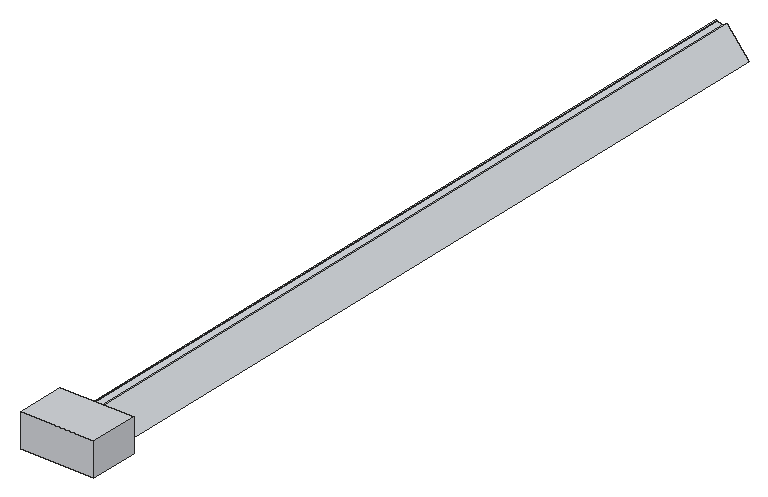
Revit family "LD(LS)-15-50", category Mechanical Equipment, Revit 2012
Parameters
  Voltage = 120 V
  URL = "www.DetroitRadiant.com"
  Top Clearance = 0' - 6"
  Stage = "LD (Two), LS (Single)"
  Side Clearances = 0' - 11"
  Weight = "85 Pounds"
  Recommended Mounting Height = "9' to 11'"
  Note = "Low Fire Input for LD series only"
  Model = "LD(LS)-15-50"
  Material (Radiant Tubes) = "Black Coated Aluminized Steel"
  Material (Combustion Tube) = "Titanium Coated Aluminized Steel"
  Manufacturer = "Detroit Radiant Products Company"
  Length = 16' - 10"
  Heat Gain (Low Fire) = "35,000 Btu/h"
  Heat Gain (High Fire) = "50,000 Btu/h"
  Gas Type = "N or LP"
  Frequency = 60 Hz
  Below Clearance = 4' - 0"
Reference planes (in)
  plane 1 "Center (Front/Back)": y = 0
  plane 2: z = 0
  plane 3 "Center (Left/Right)": x = 0
Forms (in)
  Extrusion 1, solid
    sketch origin (0, 0, 0) x (1, 0, 0) y (0, 1, 0)
      loop
        line (3.788, 15.87804) -> (3.788, 3.87804) -> (21.788, 3.87804) -> (21.788, 15.87804) -> (3.788, 15.87804)
    from 0 to 8.10156
Lines and regions (in)
  model lines
    curve 1: line (3.788, 3.87804, 0) -> (21.788, 3.87804, 0)
    curve 2: line (21.788, 3.87804, 0) -> (21.788, 15.87804, 0)
    curve 3: line (21.788, 15.87804, 0) -> (3.788, 15.87804, 0)
    curve 4: line (3.788, 15.87804, 0) -> (3.788, 3.87804, 0)
Dimensions and locks (in)
  aligned and locked: plane 2 to level
Nested families (in)
  nested 1: "10'" at (-0.77297, 127.87804, 0) x (0, -1, 0) z (0, 0, 1), type "10' Burner"
  nested 2: "15' Tube for LS" at (12.538, 217.87804, 0), type "Infra-Red"
  nested 3: "5' Tube Assembly for LS" at (13.038, 135.87804, 0) x (-1, 0, 0) z (0, 0, 1), type "Infra-Red"
Definition of nested family "10'"
  Parameters (values of type "Tube")
    h = 0.0 Btu/h
    Tube = none
    Reflector = none
    Heating = 50000 VA  # 170607.1 Btu/h
    Hanger = none
  Types (2): name
    10' Burner
    Tube
  Reference planes (in)
    plane 1 "Center (Front/Back)": y = 0
    plane 2: z = 0
    plane 3 "Center (Left/Right)": x = 0
  Forms (in)
    Extrusion 1, solid, material "Default 3"
      sketch origin (112, 292.12195, 0) x (0, -1, 0) y (0, 0, 1)
        loop
          circle (278.56098, 1.61442) r 2
        loop
          circle (278.56098, 1.61442) r 1.80078
      from 132 to 0
    Extrusion 2, solid, material "Default 3"
      sketch origin (-24, -265, 0) x (0, 1, 0) y (0, 0, 1)
        loop
          circle (278.56098, 1.61442) r 1.60156
        loop
          circle (278.56098, 1.61442) r 1.80078
      from 4 to 0
  Lines and regions (in)
    model lines
      curve 1: circle (0, 13.56098, 1.61442) r 1.80078 normal (1, 0, 0)
      curve 2: circle (0, 13.56098, 1.61442) r 1.60156 normal (1, 0, 0)
  Dimensions and locks (in)
    aligned and locked: plane 2 to level
Definition of nested family "15' Tube for LS"
  Parameters (values of type "Infra-Red")
    Weight = ""
    Voltage = 0 V
    URL = "www.DetroitRadiant.com"
    Top Clearance = 0' - 0"
    Stage = ""
    Side Clearances = 0' - 0"
    Recommended Mounting Height = ""
    Material = ""
    Manufacturer = "Detroit Radiant Products Company"
    Length = 0' - 0"
    Heat Gain (Low Fire) = 0.0 Btu/h
    Heat Gain (High Fire) = 0.0 Btu/h
    Gas Type = ""
    Frequency = 0 Hz
    Current = 0 A
    Below Clearance = 0' - 0"
    Back Clearance = 0' - 0"
    Apparent Power = 0 VA
  Reference planes (in)
    plane 1 "Center (Front/Back)": y = 0
    plane 2: z = 0
    plane 3 "Center (Left/Right)": x = 0
  Forms (in)
    Extrusion 1, solid
      sketch origin (0, -12, 0) x (1, 0, 0) y (0, 0, 1)
        loop
          line (-6.25, 1.1425) -> (-6, 1.1425) -> (-1.00787, 7.21737) -> (0.25, 6.625) -> (1.50787, 7.21737) -> (6.5, 1.1425) -> (6.75, 1.1425) -> (1.54, 7.4825) -> (0.25, 6.875) -> (-1.04, 7.4825) -> (-6.25, 1.1425)
      from 190 to 0
  Dimensions and locks (in)
    aligned and locked: plane 2 to level
Definition of nested family "5' Tube Assembly for LS"
  Parameters (values of type "Infra-Red")
    Weight = ""
    Voltage = 0 V
    URL = "www.DetroitRadiant.com"
    Top Clearance = 0' - 0"
    Stage = ""
    Side Clearances = 0' - 0"
    Recommended Mounting Height = ""
    Material = ""
    Manufacturer = "Detroit Radiant Products Company"
    Length = 0' - 0"
    Heat Gain (Low Fire) = 0.0 Btu/h
    Heat Gain (High Fire) = 0.0 Btu/h
    Gas Type = ""
    Frequency = 0 Hz
    Current = 0 A
    Below Clearance = 0' - 0"
    Back Clearance = 0' - 0"
    Apparent Power = 0 VA
  Reference planes (in)
    plane 1 "Center (Front/Back)": y = 0
    plane 2: z = 0
    plane 3 "Center (Left/Right)": x = 0
  Dimensions and locks (in)
    aligned and locked: plane 2 to level
  Nested families (in)
    nested 1: "5'" at (13.81098, -48, 0) x (0, 1, 0) z (0, 0, 1), type "10' Burner"
  Definition of nested family "5'"
    Parameters (values of type "10' Burner")
      h = 0.0 Btu/h
      Tube = none
      Reflector = none
      Heating = 50000 VA  # 170607.1 Btu/h
      Hanger = none
    Reference planes (in)
      plane 1 "Center (Front/Back)": y = 0
      plane 2: z = 0
      plane 3 "Center (Left/Right)": x = 0
    Forms (in)
      Extrusion 1, solid, material "Default 3"
        sketch origin (36, 292.12195, 0) x (0, -1, 0) y (0, 0, 1)
          loop
            circle (278.56098, 1.61442) r 2
          loop
            circle (278.56098, 1.61442) r 1.80078
        from 54 to 0
      Extrusion 2, solid, material "Default 3"
        sketch origin (-22, -265, 0) x (0, 1, 0) y (0, 0, 1)
          loop
            circle (278.56098, 1.61442) r 1.60156
          loop
            circle (278.56098, 1.61442) r 1.80078
        from 4 to 0
    Dimensions and locks (in)
      aligned and locked: plane 2 to level
